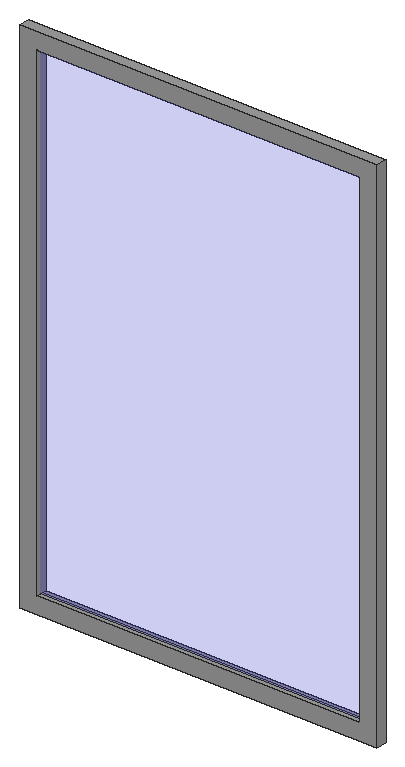
Revit family "54ef11a0d66f4f719be44dfe72d3faf6", category Windows, Revit 2021
Family settings
  OmniClass Number = 23.30.20.17.21.11
  OmniClass Title = Awning Windows
  Seek Item ID = Curtain Wall Awning-0000-USA-ENU
  Always vertical = Yes
  Cut with Voids When Loaded = No
  Shared = No
  Room Calculation Point = No
Parameters
  Visual Light Transmittance = 0.9
  Solar Heat Gain Coefficient = 0.78
  Define Thermal Properties by = Schematic Type
  Construction Type Id = "GSP4R"
  Heat Transfer Coefficient (U) = 0.6496 BTU/(h·ft²·°F)
  Assembly Code = "B2020100"
  Glass Pane Material = Glass
  Offset = 0' - 3"
  Sash Material = Aluminum
  Sash Width = 0' - 3"
  Thickness = 0' - 2"
  Analytic Construction = "1/8 in Pilkington single glazing"
Reference planes (in)
  plane 1: y = 0
  plane 2: z = 0
  plane 3: x = 0
  plane 4: x = -32.75106
  plane 5: x = 32.75106
  plane 6: z = 96
  plane 7: y = 3
  plane 8: y = 1
  plane 9: z = 93
  plane 10: z = 3
  plane 11: x = 29.75106
  plane 12: x = -29.75106
  plane 13 "Closure": y = 1.75
Forms (in)
  Extrusion 1, solid, material "Aluminum" <- "Sash Material"
    sketch origin (0, 0, 0) x (0, 0, -1) y (1, 0, 0)
      loop
        line (-96, 32.75106) -> (-96, -32.75106) -> (0, -32.75106) -> (0, 32.75106) -> (-96, 32.75106)
      loop
        line (-93, 29.75106) -> (-93, -29.75106) -> (-3, -29.75106) -> (-3, 29.75106) -> (-93, 29.75106)
    from -3 to -1
  Extrusion 2, solid, material "Glass" <- "Glass Pane Material"
    sketch origin (0, 1, 0) x (0, 0, -1) y (1, 0, 0)
      loop
        line (-93, -29.75106) -> (-3, -29.75106) -> (-3, 29.75106) -> (-93, 29.75106) -> (-93, -29.75106)
    from -1.25 to -0.75
Lines and regions (in)
  symbolic lines, style "WindowsFrameMullionProjection"
    curve 1: line (32.75106, 3, 0) -> (-32.75106, 3, 0)
    curve 2: line (32.75106, 1, 0) -> (32.75106, 3, 0)
    curve 3: line (-32.75106, 1, 0) -> (32.75106, 1, 0)
    curve 4: line (-32.75106, 3, 0) -> (-32.75106, 1, 0)
    curve 7: line (-32.75106, 3, 0) -> (-29.75106, 3, 0)
    curve 8: line (-32.75106, 1, 0) -> (-32.75106, 3, 0)
    curve 9: line (-29.75106, 1, 0) -> (-32.75106, 1, 0)
    curve 10: line (-29.75106, 3, 0) -> (-29.75106, 1, 0)
    curve 11: line (32.75106, 3, 0) -> (29.75106, 3, 0)
    curve 12: line (32.75106, 1, 0) -> (32.75106, 3, 0)
    curve 13: line (29.75106, 1, 0) -> (32.75106, 1, 0)
    curve 14: line (29.75106, 3, 0) -> (29.75106, 1, 0)
  symbolic lines, style "Elevation Swing"
    curve 5: line (29.75106, 0, 3) -> (0.29986, 0, 93)
    curve 6: line (-29.75106, 0, 3) -> (0.29986, 0, 93)
  symbolic lines, style "WindowsGlassProjection"
    curve 15: line (-29.75106, 2, 0) -> (29.75106, 2, 0)
Text (in)
  text "Exterior" at (-7.94921, 33.79749, 0), in view "Base Line"
Dimensions and locks (in)
  equal spacing: plane 4, plane 3, plane 5
  "Offset": plane 1 to plane 7
  "Thickness": plane 8 to plane 7
  "Sash Width": plane 11 to plane 5
  "Sash Width": plane 4 to plane 12
  "Sash Width": plane 9 to plane 6
  "Sash Width": plane 2 to plane 10
  Extrusion 2 to Extrusion 2 to plane 7 = 0' - 0 1/2", 0' - 0 3/4"
  locked: plane 13 "Closure" to plane 7 at 1.25
  aligned and locked: Extrusion 1 to plane 7
  aligned and locked: plane 8 to Extrusion 1
Automatic sketch dimensions
  Extrusion 1 sketch curve to plane 4 = 0' - 0"
  Extrusion 1 sketch curve to plane 6 = 0' - 0"
  Extrusion 1 sketch curve to plane 9 = 0' - 0"
  Extrusion 1 sketch curve to plane 10 = 0' - 0"
  Extrusion 1 sketch curve to level = 0' - 0"
  Extrusion 1 sketch curve to plane 12 = 0' - 0"
  Extrusion 1 sketch curve to plane 11 = 0' - 0"
  Extrusion 1 sketch curve to plane 5 = 0' - 0"
  Extrusion 2 sketch curve to plane 9 = 0' - 0"
  Extrusion 2 sketch curve to plane 10 = 0' - 0"
  Extrusion 2 sketch curve to plane 12 = 0' - 0"
  Extrusion 2 sketch curve to plane 11 = 0' - 0"
  curve 5 to plane 9 = 0' - 0"
  curve 6 to plane 10 = 0' - 0"
  curve 5 to plane 10 = 0' - 0"
  curve 6 to plane 12 = 0' - 0"
  curve 5 to plane 11 = 0' - 0"
  plane 3 to curve 6 = 0' - 0.29986"
  curve 9 to plane 4 = 0' - 0"
  curve 10 to plane 7 = 0' - 0"
  curve 10 to plane 12 = 0' - 0"
  curve 11 to plane 11 = 0' - 0"
  curve 2 to plane 5 = 0' - 0"
  curve 9 to plane 8 = 0' - 0"
  curve 15 to curve 7 = 0' - 1"
